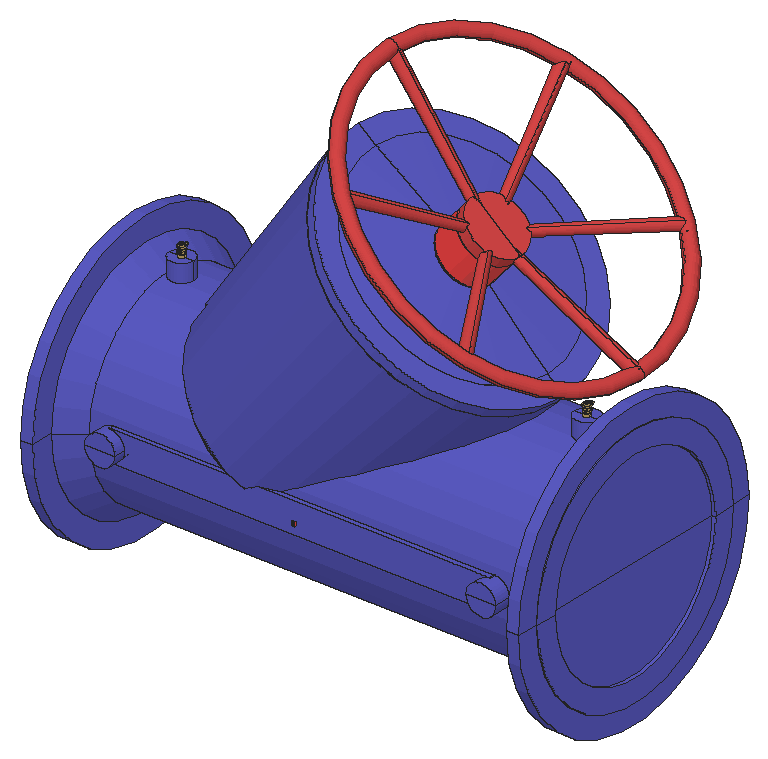
Revit family "HERZ Strömax Commissioning Valve With Test Points, Inclined Body 4218 GF PN16", category Rohrzubehör, Revit 2020
Family settings
  Bemaßung runder Anschluss = Durchmesser verwenden
  Teiletyp = Unterbricht
  OmniClass-Nummer = 23.65.55.14
  OmniClass-Titel = Valves for Liquid Services
  Arbeitsebenenbasiert = Nein
  Immer vertikal = Ja
  Beim Laden mit Abzugskörper schneiden = Nein
  Gemeinsam genutzt = Nein
Parameters
  kvs-value [instance] = if(Nennweite = 350.00 mm, 2917.6, if(Nennweite = 400.00 mm, 3854.8, if(Nennweite = 500.00 mm, 5250.6, 0)))  # 5250.6
  Vorgabe-Ansicht = 0.00 mm
  Counting device = "plastic material"  # constant formula
  W02 = 60.00°  # constant formula
  W01 = 50.00°  # constant formula
  Valve cone = "ductile iron EN-GJS-400-15 according to EN 1561 / EPDM coated"  # constant formula
  Spindle = "stainless steell"  # constant formula
  S01 [instance] = Nennweite + 10.00 mm  # 510.00 mm
  Regulating spindle = "stainless steell"  # constant formula
  Part number [instance] = size_lookup("4218_GF_16_", "Artnr", 0, Nennweite)  # 1421892
  Upper part = "ductile iron EN-GJS-400-15"  # constant formula
  O-Ring = "EPDM"  # constant formula
  Model = "STRÖMAX GF double regulating and commissioning valve with measuring valves, DN 350-500:\r\nbody nodular cast iron GJS 400-15 according to EN 1561, flange according to EN 1092, PN 16 or PN 25, blue enamel.\r\nValve upper part nodular cast iron GJS 400-15, with non-rising spindle, spindle sealing by means of a triple O-ring.\r\nPresetting steps are displayed digitally."
  Min. operating temperature = -10 °C  # constant formula
  Max. operating temperature = 110 °C  # constant formula
  Max. operating pressure = 1600000.0 Pa  # constant formula
  L04 [instance] = size_lookup("4218_GF_16_", "L4", 1.00 mm, Nennweite)  # 255.00 mm
  H11 = 85.00 mm  # constant formula
  H10 [instance] = H07 + H03  # 720.30 mm
  H08 = 47.00 mm  # constant formula
  H07 = 50.00 mm  # constant formula
  H06 = 27.00 mm  # constant formula
  H05 [instance] = H04 + 25.00 mm  # 605.00 mm
  H04 [instance] = size_lookup("4218_GF_16_", "H4", 1.00 mm, Nennweite)  # 580.00 mm
  H03 [instance] = size_lookup("4218_GF_16_", "H3", 1.00 mm, Nennweite)  # 670.30 mm
  Weight [instance] = if(Nennweite = 350.00 mm, "536.0 kg", if(Nennweite = 400.00 mm, "547.0 kg", if(Nennweite = 500.00 mm, "968.0 kg", "0")))  # "968.0 kg"
  URL = "www.herzvalves.com"
  SCRNSEQ = "ARM;ARM_TYP=\"STRV\";2"
  SCRNCODE = "05;07;02"  # constant formula
  R02 [instance] = size_lookup("4218_GF_16_", "R2", 1.00 mm, Nennweite)  # 30.00 mm
  R01 [instance] = size_lookup("4218_GF_16_", "R1", 1.00 mm, Nennweite)  # 37.50 mm
  Nennweite [instance] = 500.00 mm
  Medium = "Heating water quality according to ÖNORM H 5195 or VDI guideline 2035.\r\nEthylene and propylene glycol can be used in a ratio of 25-50 vol. [%] are mixed."
  L03 [instance] = size_lookup("4218_GF_16_", "L3", 1.00 mm, Nennweite)  # 505.00 mm
  L02 [instance] = size_lookup("4218_GF_16_", "L2", 1.00 mm, Nennweite)  # 475.00 mm
  L01 [instance] = size_lookup("4218_GF_16_", "L1", 1.00 mm, Nennweite)  # 533.50 mm
  L00 [instance] = size_lookup("4218_GF_16_", "L", 1.00 mm, Nennweite)  # 1250.00 mm
  Hersteller = "HERZ Armaturen Ges.m.b.H."  # constant formula
  H09 [instance] = H03  # 670.30 mm
  H02 [instance] = size_lookup("4218_GF_16_", "H2", 1.00 mm, Nennweite)  # 295.00 mm
  H01 [instance] = size_lookup("4218_GF_16_", "H1", 1.00 mm, Nennweite)  # 292.00 mm
  GT = 10.00 mm  # constant formula
  Field of application = "For hydraulic balancing in heating or cooling systems, regulating and shutting off distribution circuits, heat exchangers, heating and cooling terminals."
  FLL02 [instance] = size_lookup("4218_GF_16_", "FLL2", 1.00 mm, Nennweite)  # 30.00 mm
  FLL01 [instance] = size_lookup("4218_GF_16_", "FLL1", 1.00 mm, Nennweite)  # 4.00 mm
  FLD03 [instance] = size_lookup("4218_GF_16_", "FLD3", 1.00 mm, Nennweite)  # 254.00 mm
  FLD02 [instance] = size_lookup("4218_GF_16_", "FLD2", 1.00 mm, Nennweite)  # 300.00 mm
  FLD01 [instance] = size_lookup("4218_GF_16_", "FLD1", 1.00 mm, Nennweite)  # 305.00 mm
  FLD00 [instance] = size_lookup("4218_GF_16_", "FLD", 1.00 mm, Nennweite)  # 357.50 mm
  Differential pressure measurement = "The STRÖMAX GF double regulating and commissioning valve is equipped with two measuring valves:\r\nIt is possible to measure the differential pressure with suitable measuring devices and to determine the flow rate accordingly."
  DN500 [instance] = Nennweite = 500.00 mm  # yes
  DN400 [instance] = Nennweite = 400.00 mm  # no
  DN350 [instance] = Nennweite = 350.00 mm  # no
  D05 = 75.00 mm  # constant formula
  D04 [instance] = size_lookup("4218_GF_16_", "D4", 1.00 mm, Nennweite)  # 54.00 mm
  D03 [instance] = size_lookup("4218_GF_16_", "D3", 1.00 mm, Nennweite)  # 275.00 mm
  D02 [instance] = D03 - 20.00 mm  # 255.00 mm
  D01 [instance] = size_lookup("4218_GF_16_", "D1", 1.00 mm, Nennweite)  # 334.00 mm
  D00 [instance] = size_lookup("4218_GF_16_", "D", 1.00 mm, Nennweite)  # 278.00 mm
  Body = "ductile iron EN-GJS-400-15"  # constant formula
  BH02 [instance] = -BH01  # -37.50 mm
  BH01 [instance] = size_lookup("4218_GF_16_", "BH1", 1.00 mm, Nennweite)  # 37.50 mm
  Anschluss [instance] = Nennweite / 2  # 250.00 mm
Reference planes
  plane 1 "Mitte (Vorne/hinten)": y = 0
  plane 2: z = 0
  plane 3 "Mitte (Links/rechts)": x = 0
Forms (mm)
  Revolve 1, solid, material "Herz-Marineblau", detail levels fine
    sketch origin (1058.943, 0, 0) x (1, 0, 0) y (0, 1, 0)
      loop
        line (-1679.943, 357.5) -> (-1679.943, 305) -> (-1683.943, 305) -> (-1683.943, 250) -> (-1673.943, 250) -> (-1673.943, 0) -> (-443.943, 0) -> (-443.943, 250) -> (-433.943, 250) -> (-433.943, 305) -> (-437.943, 305) -> (-437.943, 357.5) -> (-467.943, 357.5) -> (-467.943, 300) -> (-525.443, 254)
        arc (-525.443, 254) -> (-1058.943, 278) -> (-1592.443, 254) r 5941.63
        line (-1592.443, 254) -> (-1649.943, 300) -> (-1649.943, 357.5) -> (-1679.943, 357.5)
      axis (-1683.943, 0) -> (-433.943, 0)
    angle from 0 to 360
  Revolve 2, solid, material "Herz-Marineblau", detail levels fine
    sketch origin (0, 0, 0) x (1, 0, 0) y (0, 1, 0)
      loop
        line (-475, 292) -> (-512.5, 292) -> (-512.5, -292) -> (-475, -292) -> (-475, 292)
      axis (-475, 292) -> (-475, -292)
    angle from 0 to 360
  Revolve 3, solid, material "Herz-Marineblau", detail levels fine
    sketch origin (0, 0, 0) x (-1, 0, 0) y (0, 1, 0)
      loop
        line (-475, 292) -> (-512.5, 292) -> (-512.5, -292) -> (-475, -292) -> (-475, 292)
      axis (-475, 292) -> (-475, -292)
    angle from 0 to 360
  Revolve 4, solid, material "Herz-Marineblau", detail levels fine
    sketch origin (0, 0, 0) x (1, 0, 0) y (0, 0, 1)
      loop
        line (-505, 0) -> (-505, 295) -> (-535, 295) -> (-535, 0) -> (-505, 0)
      axis (-505, 295) -> (-505, 0)
    angle from 0 to 360
  Revolve 5, solid, material "Herz-Marineblau", detail levels fine
    sketch origin (0, 0, 0) x (-1, 0, 0) y (0, 0, 1)
      loop
        line (-505, 0) -> (-505, 295) -> (-535, 295) -> (-535, 0) -> (-505, 0)
      axis (-505, 295) -> (-505, 0)
    angle from 0 to 360
  Extrusion 6, solid, material "Herz-Marineblau", visible <- "DN500", detail levels fine
    sketch origin (0, 0, 0) x (1, 0, 0) y (0, 1, 0)
      loop
        arc (-475, -263.998) -> (0, -282.994) -> (475, -263.998) r 5948.094
        line (475, -263.998) -> (475, 263.998)
        arc (475, 263.998) -> (0, 282.994) -> (-475, 263.998) r 5948.094
        line (-475, 263.998) -> (-475, -263.998)
    from -37.5 <- "BH02" to 37.5 <- "BH01"
  Extrusion 7, solid, material "Herz-Marineblau", visible <- "DN400", detail levels fine
    sketch origin (0, 0, 0) x (1, 0, 0) y (0, 1, 0)
      loop
        arc (-410, -209.712) -> (0, -223.005) -> (410, -209.712) r 6329.849
        line (410, -209.712) -> (410, 209.712)
        arc (410, 209.712) -> (0, 223.005) -> (-410, 209.712) r 6329.849
        line (-410, 209.712) -> (-410, -209.712)
    from -37.5 <- "BH02" to 37.5 <- "BH01"
  Extrusion 8, solid, material "Herz-Marineblau", visible <- "DN350", detail levels fine
    sketch origin (0, 0, 0) x (1, 0, 0) y (0, 1, 0)
      loop
        arc (-390, -185.916) -> (0, -255.071) -> (390, -185.916) r 1134.286
        line (390, -185.916) -> (390, 185.916)
        arc (390, 185.916) -> (0, 255.071) -> (-390, 185.916) r 1134.286
        line (-390, 185.916) -> (-390, -185.916)
    from -37.5 <- "BH02" to 37.5 <- "BH01"
  Revolve 9, solid, material "Herz-Marineblau", detail levels fine
    sketch origin (0, 0, 0) x (1, 0, 0) y (0, 0, 1)
      loop
        line (-255, 0) -> (175.861, 513.48) -> (-79.998, 728.171) -> (-407.619, 245.94) -> (-408.367, 213.934) -> (-255, 0)
      axis (-255, 0) -> (175.861, 513.48)
    angle from 0 to 360
  Revolve 10, solid, material "Herz-Marineblau", detail levels fine
    sketch origin (0, 0, 0) x (1, 0, 0) y (0, 0, 1)
      loop
        line (175.861, 513.48) -> (208, 551.782) -> (150.547, 599.991) -> (148.618, 597.693)
        arc (148.618, 597.693) -> (66.389, 659.883) -> (-21.277, 714.143) r 1105.603
        line (-21.277, 714.143) -> (-62.643, 748.854) -> (-79.998, 728.171) -> (175.861, 513.48)
      axis (208, 551.782) -> (175.861, 513.48)
    angle from 0 to 360
  Revolve 11, solid, material "Kunsstoff rot", detail levels fine
    sketch origin (0, 0, 0) x (1, 0, 0) y (0, 0, 1)
      loop
        line (208, 551.782) -> (262.637, 616.896) -> (205.184, 665.105) -> (150.547, 599.991) -> (208, 551.782)
      axis (262.637, 616.896) -> (208, 551.782)
    angle from 0 to 360
Lines and regions (mm)
  model lines, detail levels coarse+medium
    curve 1: line (-625, 0, 357.5) -> (-625, 0, -357.5)
    curve 2: line (-625, 0, -357.5) -> (625, 0, 357.5)
    curve 3: line (625, 0, 357.5) -> (625, 0, -357.5)
    curve 4: line (625, 0, -357.5) -> (-625, 0, 357.5)
    curve 5: line (0, 0, 0) -> (386.998, 0, 670.3)
    curve 6: line (166.161, 0, 797.8) -> (607.834, 0, 542.8)
    curve 7: line (-625, 357.5, 0) -> (-625, -357.5, 0)
    curve 8: line (-625, -357.5, 0) -> (625, 357.5, 0)
    curve 9: line (625, 357.5, 0) -> (625, -357.5, 0)
    curve 10: line (625, -357.5, 0) -> (-625, 357.5, 0)
    curve 11: line (0, 0, 0) -> (386.998, 670.3, 0)
    curve 12: line (166.161, 797.8, 0) -> (607.834, 542.8, 0)
Dimensions and locks
  "FLD00": plane 1 "Mitte (Vorne/hinten)" to Revolve 1 sketch curve
  "FLD01": plane 1 "Mitte (Vorne/hinten)" to Revolve 1 sketch curve
  "FLD02": plane 1 "Mitte (Vorne/hinten)" to Revolve 1 sketch curve  (x2)
  "FLD03": plane 1 "Mitte (Vorne/hinten)" to Revolve 1 sketch curve  (x2)
  "GT": Revolve 1 sketch curve to Revolve 1 sketch curve  (x2)
  "FLL01": Revolve 1 sketch curve to Revolve 1 sketch curve  (x2)
  "FLL02": Revolve 1 sketch curve to Revolve 1 sketch curve  (x2)
  equal spacing: Revolve 1 sketch curve, plane 3 "Mitte (Links/rechts)", Revolve 1 sketch curve
  "Anschluss": Revolve 1 sketch curve to plane 1 "Mitte (Vorne/hinten)"
  "Anschluss": plane 1 "Mitte (Vorne/hinten)" to Revolve 1 sketch curve
  "FLD01": Revolve 1 sketch curve to plane 1 "Mitte (Vorne/hinten)"
  "FLD00": Revolve 1 sketch curve to plane 1 "Mitte (Vorne/hinten)"
  "L00": Revolve 1 sketch curve to Revolve 1 sketch curve
  "D00": plane 1 "Mitte (Vorne/hinten)" to Revolve 1 sketch curve
  "L01": Revolve 1 sketch curve to plane 3 "Mitte (Links/rechts)" to Revolve 1 sketch curve
  "L02": Revolve 2 sketch curve to plane 3 "Mitte (Links/rechts)"
  "R01": Revolve 2 sketch curve to Revolve 2 sketch curve
  "H01": Revolve 2 sketch curve to plane 1 "Mitte (Vorne/hinten)" to Revolve 2 sketch curve
  "L02": plane 3 "Mitte (Links/rechts)" to Revolve 3 sketch curve
  "R01": Revolve 3 sketch curve to Revolve 3 sketch curve
  "H01": Revolve 3 sketch curve to plane 1 "Mitte (Vorne/hinten)" to Revolve 3 sketch curve
  "L03": plane 3 "Mitte (Links/rechts)" to Revolve 4 sketch curve
  "R02": Revolve 4 sketch curve to Revolve 4 sketch curve
  "H02": Revolve 4 sketch curve to plane 2
  "R02": Revolve 5 sketch curve to Revolve 5 sketch curve
  "L03": Revolve 5 sketch curve to plane 3 "Mitte (Links/rechts)"
  "H02": Revolve 5 sketch curve to plane 2
  "L03": plane 3 "Mitte (Links/rechts)" to nested 1
  "L03": nested 2 to plane 3 "Mitte (Links/rechts)"
  "H02": nested 1 to plane 2
  "H02": nested 2 to plane 2
  "FLD00": curve 4 to plane 2 to curve 2
  "FLD00": curve 3 to plane 2 to curve 4
  equal spacing: curve 1, plane 3 "Mitte (Links/rechts)", curve 3
  "L00": curve 1 to curve 3
  "H09": curve 5 to plane 2
  equal spacing: curve 1, curve 5, curve 3
  equal spacing: curve 6, curve 5, curve 6
  "S01": curve 6 to curve 6
  "FLD00": curve 8 to plane 1 "Mitte (Vorne/hinten)" to curve 10
  "FLD00": curve 10 to plane 1 "Mitte (Vorne/hinten)" to curve 9
  equal spacing: curve 7, plane 3 "Mitte (Links/rechts)", curve 9
  "L00": curve 7 to curve 9
  equal spacing: curve 7, curve 11, curve 9
  "H09": plane 1 "Mitte (Vorne/hinten)" to curve 11
  equal spacing: curve 12, curve 11, curve 12
  "S01": curve 12 to curve 12
  "L04": plane 3 "Mitte (Links/rechts)" to Revolve 9 sketch curve  (x2)
  "H03": Revolve 9 sketch curve to Revolve 9 sketch curve
  "D02": Revolve 9 sketch curve to Revolve 9 sketch curve
  "H05": Revolve 9 sketch curve to Revolve 9 sketch curve
  "H04": Revolve 9 sketch curve to Revolve 9 sketch curve
  "D03": Revolve 9 sketch curve to Revolve 9 sketch curve
  "H03": Revolve 10 sketch curve to Revolve 10 sketch curve
  "D01": Revolve 10 sketch curve to Revolve 10 sketch curve  (x2)
  "D04": Revolve 10 sketch curve to Revolve 10 sketch curve
  "D05": Revolve 10 sketch curve to Revolve 10 sketch curve
  "H06": Revolve 9 to Revolve 10 sketch curve
  "H07": Revolve 9 to Revolve 10 sketch curve
  "H08": Revolve 9 to Revolve 10 sketch curve
  "L04": plane 3 "Mitte (Links/rechts)" to Revolve 10 sketch curve
  "D01": Revolve 9 sketch curve to Revolve 9 sketch curve
  "L04": plane 3 "Mitte (Links/rechts)" to Revolve 11 sketch curve
  "H11": Revolve 10 to Revolve 11 sketch curve
  "D05": Revolve 11 sketch curve to Revolve 11 sketch curve  (x2)
  "H10": Revolve 11 sketch curve to Revolve 11 sketch curve
  "W02": angle plane 2 to curve 5
  "W02": angle plane 1 "Mitte (Vorne/hinten)" to curve 11
  "W01": angle plane 2 to Revolve 9 sketch curve  (x2)
  "W01": angle plane 2 to Revolve 10 sketch curve  (x2)
  "W01": angle plane 2 to Revolve 11 sketch curve  (x2)
  aligned and locked: level to plane 2
Automatic sketch dimensions
  Extrusion 6 sketch curve to plane 3 "Mitte (Links/rechts)" = 0.00 mm  (x2)
  plane 1 "Mitte (Vorne/hinten)" to Extrusion 6 sketch curve = 263.998 mm
  Extrusion 6 sketch curve to plane 3 "Mitte (Links/rechts)" = 475.00 mm
  Extrusion 6 sketch curve to Extrusion 6 sketch curve = 5401.102 mm
  Extrusion 6 sketch curve to plane 1 "Mitte (Vorne/hinten)" = 5665.10 mm
  Extrusion 6 sketch curve to plane 1 "Mitte (Vorne/hinten)" = 263.998 mm  (x2)
  Extrusion 7 sketch curve to plane 3 "Mitte (Links/rechts)" = 0.00 mm  (x2)
  plane 1 "Mitte (Vorne/hinten)" to Extrusion 7 sketch curve = 209.712 mm  (x2)
  Extrusion 7 sketch curve to plane 3 "Mitte (Links/rechts)" = 410.00 mm
  Extrusion 7 sketch curve to Extrusion 7 sketch curve = 5897.131 mm
  Extrusion 7 sketch curve to plane 1 "Mitte (Vorne/hinten)" = 6106.844 mm
  Extrusion 7 sketch curve to plane 1 "Mitte (Vorne/hinten)" = 209.712 mm
  Extrusion 8 sketch curve to plane 3 "Mitte (Links/rechts)" = 0.00 mm  (x2)
  plane 1 "Mitte (Vorne/hinten)" to Extrusion 8 sketch curve = 185.916 mm
  Extrusion 8 sketch curve to plane 3 "Mitte (Links/rechts)" = 390.00 mm
  Extrusion 8 sketch curve to Extrusion 8 sketch curve = 693.298 mm
  Extrusion 8 sketch curve to plane 1 "Mitte (Vorne/hinten)" = 879.214 mm
  Extrusion 8 sketch curve to plane 1 "Mitte (Vorne/hinten)" = 185.916 mm  (x2)
  plane 1 "Mitte (Vorne/hinten)" to Revolve 1 sketch curve = 0.00 mm  (x2)
  Revolve 1 sketch curve to Revolve 1 sketch curve = 35.00 mm
  Revolve 1 sketch curve to Revolve 1 sketch curve = 40.00 mm
  Revolve 2 sketch curve to Revolve 2 sketch curve = 0.00 mm  (x3)
  Revolve 3 sketch curve to Revolve 3 sketch curve = 0.00 mm  (x3)
  Revolve 4 sketch curve to level = 0.00 mm  (x2)
  Revolve 4 sketch curve to Revolve 4 sketch curve = 0.00 mm  (x2)
  Revolve 5 sketch curve to level = 0.00 mm  (x2)
  Revolve 5 sketch curve to Revolve 5 sketch curve = 0.00 mm  (x2)
  Revolve 9 sketch curve to level = 0.00 mm  (x2)
  Revolve 10 sketch curve to level = 0.00 mm
  Revolve 10 sketch curve to level = 252.062 mm
  Revolve 11 sketch curve to level = 0.00 mm
Nested families
  nested 1: "Messstutzen_Band_Eintritt_senkrecht_(oben)" at (-505, 0, 286), type "Messstutzen_Band_Eintritt_senkrecht_(oben)", detail levels fine
    with Schutzkappe yes, Nennweite 0.00 mm, Gewicht 0.00 kg, Bestellnummer 0
  nested 2: "Messstutzen_Band_Austritt_senkrecht_(oben)" at (505, 0, 286), type "Messstutzen_Band_Austritt_senkrecht_(oben)", detail levels fine
    with Schutzkappe yes, Nennweite 0.00 mm, Gewicht 0.00 kg, Bestellnummer 0
  nested 3: "Herz-Logo-vorne" at (0, -282.994, 0) x (0, 1, 0) z (0, 0, 1), visible <- "DN500", type "Herz-Logo-vorne", detail levels fine
  nested 4: "Herz-Logo-vorne" at (0, -221.503, 0) x (0, 1, 0) z (0, 0, 1), visible <- "DN400", type "Herz-Logo-vorne", detail levels fine
  nested 5: "Herz-Logo-vorne" at (0, -255.053, 0) x (0, 1, 0) z (0, 0, 1), visible <- "DN350", type "Herz-Logo-vorne", detail levels fine
  nested 6: "Strangregulierventil-Handrad_VOLL-Schräg (Rot) DN350-DN400" at (211.704, 0, 501.376), visible <- "DN350", type "Strangregulierventil-Handrad_VOLL-Schräg (Rot) DN350-DN400"
    with DN300 yes
  nested 7: "Strangregulierventil-Handrad_VOLL-Schräg (Rot) DN350-DN400" at (230.272, 0, 547.339), visible <- "DN400", type "Strangregulierventil-Handrad_VOLL-Schräg (Rot) DN350-DN400"
    with DN300 yes
  nested 8: "Strangregulierventil-Handrad_VOLL-Schräg (Rot) DN500" at (262.637, 0, 616.896), visible <- "DN500", type "Strangregulierventil-Handrad_VOLL-Schräg (Rot) DN500", detail levels fine
    with DN300 yes
Connectors
  piping at (-625, 0, 0), diameter 500, driven by "Nennweite"
    settings: on Revolve 1, index 1, connector inside diameter 609.6 mm, connector length 0.00 mm, flow factor 0, pipe flow 0.0 L/s, pressure drop 0.0 Pa, fitting loss kfactor 0, connector angle 0.00°, fixture units 0, engagement length 0.00 mm, angle of deflection 0.00°, flow configuration 0, flow direction 1, fitting loss method 0, system type 29, joint type 0, gender type 0, connector reference index -1, connector utility 0, adjustable connector no, is connector primary yes, connector description ""
  piping at (625, 0, 0), diameter 500, driven by "Nennweite"
    settings: on Revolve 1, index 2, connector inside diameter 609.6 mm, connector length 0.00 mm, flow factor 0, pipe flow 0.0 L/s, pressure drop 0.0 Pa, fitting loss kfactor 0, connector angle 0.00°, fixture units 0, engagement length 0.00 mm, angle of deflection 0.00°, flow configuration 0, flow direction 2, fitting loss method 0, system type 29, joint type 0, gender type 0, connector reference index -1, connector utility 0, adjustable connector no, is connector primary no, connector description ""
Definition of nested family "Messstutzen_Band_Eintritt_senkrecht_(oben)"
  Parameters (values of type "Messstutzen_Band_Eintritt_senkrecht_(oben)")
    Default Elevation = 0.00 mm
    URL = "www.herz-armaturen.at"
    Schutzkappe [instance] = yes
    Nennweite [instance] = 0.00 mm
    Manufacturer = "Herz Armaturen GmbH"  # constant formula
    Gewicht [instance] = 0.00 kg
    Bestellnummer [instance] = 0
  Reference planes
    plane 1 "Mitte (Vorne/hinten)": y = 0
    plane 2: z = 0
    plane 3 "Mitte (Links/rechts)": x = 0
    plane 4 "Schlaufe 1": z = -27
    plane 5 "Schlaufe 2": z = -31.678
  Forms (mm)
    Revolve 1, solid, detail levels fine
      sketch origin (0, 0, 0) x (1, 0, 0) y (0, 0, 1)
        loop
          line (-7.4, 9) -> (-5.55, 9) -> (-5.55, 6)
          arc (-5.55, 6) -> (-5.626, 5.617) -> (-5.843, 5.293) r 1
          line (-5.843, 5.293) -> (-6.455, 4.681) -> (-6.455, 0.9) -> (-5.555, 0) -> (-2, 0) -> (-2, 17.5) -> (-8.4, 17.5)
          arc (-8.4, 17.5) -> (-7.693, 17.207) -> (-7.4, 16.5) r 1
          line (-7.4, 16.5) -> (-7.4, 9)
        loop
          line (-3.7, 27) -> (-7.3, 27) -> (-7.9, 26.4) -> (-7.9, 23) -> (-2, 23) -> (-2, 35.8) -> (-3.805, 35.8) -> (-4.415, 35.19) -> (-4.415, 30.863) -> (-3.7, 30.45) -> (-3.7, 27)
        axis (0, 0) -> (0, 35.8)
      angle from 0 to 360
    Extrusion 2, solid, detail levels fine
      sketch origin (0, 0, 17.5) x (0, 1, 0) y (-1, 0, 0)
        loop
          arc (-7.07, 5.156) -> (-7.578, 4.375) -> (-8, 3.544) r 8.75
          line (-8, 3.544) -> (-8, -3.544)
          arc (-8, -3.544) -> (-7.578, -4.375) -> (-7.07, -5.156) r 8.75
          line (-7.07, -5.156) -> (-0.93, -8.7)
          arc (-0.93, -8.7) -> (0, -8.75) -> (0.93, -8.7) r 8.75
          line (0.93, -8.7) -> (7.07, -5.156)
          arc (7.07, -5.156) -> (7.578, -4.375) -> (8, -3.544) r 8.75
          line (8, -3.544) -> (8, 3.544)
          arc (8, 3.544) -> (7.578, 4.375) -> (7.07, 5.156) r 8.75
          line (7.07, 5.156) -> (0.93, 8.7)
          arc (0.93, 8.7) -> (0, 8.75) -> (-0.93, 8.7) r 8.75
          line (-0.93, 8.7) -> (-7.07, 5.156)
      from 0 to 5.5
    Revolve 3, solid, visible <- "Schutzkappe", detail levels fine
      sketch origin (0, 0, 0) x (1, 0, 0) y (0, 0, 1)
        loop
          line (0, 35.878) -> (0, 36.678) -> (-7, 36.678) -> (-7, 33.378) -> (-6.1, 33.378) -> (-6.1, 31.678) -> (-6.9, 31.678) -> (-6.9, 30.178) -> (-4.415, 30.178) -> (-4.415, 35.268) -> (-3.805, 35.878) -> (0, 35.878)
        axis (0, 30.178) -> (0, 36.678)
      angle from 0 to 360
    Extrusion 4, solid, detail levels fine
      sketch origin (0, 0, 28.5) x (1, 0, 0) y (0, 1, 0)
        loop
          circle (0, 0) r 3.7
        loop
          arc (-3.906, 5.505) -> (0, -6.75) -> (3.906, 5.505) r 6.75
          arc (3.906, 5.505) -> (2.358, 7.288) -> (1.8, 9.582) r 5
          line (1.8, 9.582) -> (-1.8, 9.582)
          arc (-1.8, 9.582) -> (-2.358, 7.288) -> (-3.906, 5.505) r 5
      from 0 to -1.5
    Extrusion 5, solid, detail levels fine
      sketch origin (0, 0, 33.178) x (1, 0, 0) y (0, 1, 0)
        loop
          circle (0, 0) r 6.1
        loop
          arc (-4.495, 8.652) -> (0, -9.75) -> (4.495, 8.652) r 9.75
          arc (4.495, 8.652) -> (2.527, 10.493) -> (1.8, 13.089) r 5
          line (1.8, 13.089) -> (-1.8, 13.089)
          arc (-1.8, 13.089) -> (-2.527, 10.493) -> (-4.495, 8.652) r 5
      from 0 to -1.5
    Sweep 6, solid, detail levels fine
      path origin (0, 0, 0) x (0, 0, -1) y (0, -1, 0)
        loop
          line (-27.75, -9.582) -> (-27.75, -14.522)
          arc (-27.75, -14.522) -> (-30.089, -16.862) -> (-32.428, -14.522) r 2.339
          line (-32.428, -14.522) -> (-32.428, -13.089)
      profile origin (0, 12.052, 27.75) x (0, 0, 1) y (1, 0, 0)
        loop
          line (-0.75, -1.8) -> (0.75, -1.8) -> (0.75, 1.8) -> (-0.75, 1.8) -> (-0.75, -1.8)
  Dimensions and locks
    aligned and locked: level to plane 2
Definition of nested family "Messstutzen_Band_Austritt_senkrecht_(oben)"
  Parameters (values of type "Messstutzen_Band_Austritt_senkrecht_(oben)")
    Default Elevation = 0.00 mm
    URL = "www.herz-armaturen.at"
    Schutzkappe [instance] = yes
    Nennweite [instance] = 0.00 mm
    Manufacturer = "Herz Armaturen GmbH"  # constant formula
    Gewicht [instance] = 0.00 kg
    Bestellnummer [instance] = 0
  Reference planes
    plane 1 "Mitte (Vorne/hinten)": y = 0
    plane 2: z = 0
    plane 3 "Mitte (Links/rechts)": x = 0
    plane 4 "Schlaufe 1": z = -27
    plane 5 "Schlaufe 2": z = -31.678
  Forms (mm)
    Revolve 1, solid, detail levels fine
      sketch origin (0, 0, 0) x (1, 0, 0) y (0, 0, 1)
        loop
          line (-7.4, 9) -> (-5.55, 9) -> (-5.55, 6)
          arc (-5.55, 6) -> (-5.626, 5.617) -> (-5.843, 5.293) r 1
          line (-5.843, 5.293) -> (-6.455, 4.681) -> (-6.455, 0.9) -> (-5.555, 0) -> (-2, 0) -> (-2, 17.5) -> (-8.4, 17.5)
          arc (-8.4, 17.5) -> (-7.693, 17.207) -> (-7.4, 16.5) r 1
          line (-7.4, 16.5) -> (-7.4, 9)
        loop
          line (-3.7, 27) -> (-7.3, 27) -> (-7.9, 26.4) -> (-7.9, 23) -> (-2, 23) -> (-2, 35.8) -> (-3.805, 35.8) -> (-4.415, 35.19) -> (-4.415, 30.863) -> (-3.7, 30.45) -> (-3.7, 27)
        axis (0, 0) -> (0, 35.8)
      angle from 0 to 360
    Extrusion 2, solid, detail levels fine
      sketch origin (0, 0, 17.5) x (0, 1, 0) y (-1, 0, 0)
        loop
          arc (-7.07, 5.156) -> (-7.578, 4.375) -> (-8, 3.544) r 8.75
          line (-8, 3.544) -> (-8, -3.544)
          arc (-8, -3.544) -> (-7.578, -4.375) -> (-7.07, -5.156) r 8.75
          line (-7.07, -5.156) -> (-0.93, -8.7)
          arc (-0.93, -8.7) -> (0, -8.75) -> (0.93, -8.7) r 8.75
          line (0.93, -8.7) -> (7.07, -5.156)
          arc (7.07, -5.156) -> (7.578, -4.375) -> (8, -3.544) r 8.75
          line (8, -3.544) -> (8, 3.544)
          arc (8, 3.544) -> (7.578, 4.375) -> (7.07, 5.156) r 8.75
          line (7.07, 5.156) -> (0.93, 8.7)
          arc (0.93, 8.7) -> (0, 8.75) -> (-0.93, 8.7) r 8.75
          line (-0.93, 8.7) -> (-7.07, 5.156)
      from 0 to 5.5
    Revolve 3, solid, visible <- "Schutzkappe", detail levels fine
      sketch origin (0, 0, 0) x (1, 0, 0) y (0, 0, 1)
        loop
          line (0, 35.878) -> (0, 36.678) -> (-7, 36.678) -> (-7, 33.378) -> (-6.1, 33.378) -> (-6.1, 31.678) -> (-6.9, 31.678) -> (-6.9, 30.178) -> (-4.415, 30.178) -> (-4.415, 35.268) -> (-3.805, 35.878) -> (0, 35.878)
        axis (0, 30.178) -> (0, 36.678)
      angle from 0 to 360
    Extrusion 4, solid, detail levels fine
      sketch origin (0, 0, 28.5) x (1, 0, 0) y (0, 1, 0)
        loop
          circle (0, 0) r 3.7
        loop
          arc (-3.906, 5.505) -> (0, -6.75) -> (3.906, 5.505) r 6.75
          arc (3.906, 5.505) -> (2.358, 7.288) -> (1.8, 9.582) r 5
          line (1.8, 9.582) -> (-1.8, 9.582)
          arc (-1.8, 9.582) -> (-2.358, 7.288) -> (-3.906, 5.505) r 5
      from 0 to -1.5
    Extrusion 5, solid, detail levels fine
      sketch origin (0, 0, 33.178) x (1, 0, 0) y (0, 1, 0)
        loop
          circle (0, 0) r 6.1
        loop
          arc (-4.495, 8.652) -> (0, -9.75) -> (4.495, 8.652) r 9.75
          arc (4.495, 8.652) -> (2.527, 10.493) -> (1.8, 13.089) r 5
          line (1.8, 13.089) -> (-1.8, 13.089)
          arc (-1.8, 13.089) -> (-2.527, 10.493) -> (-4.495, 8.652) r 5
      from 0 to -1.5
    Sweep 6, solid, detail levels fine
      path origin (0, 0, 0) x (0, 0, -1) y (0, -1, 0)
        loop
          line (-27.75, -9.582) -> (-27.75, -14.522)
          arc (-27.75, -14.522) -> (-30.089, -16.862) -> (-32.428, -14.522) r 2.339
          line (-32.428, -14.522) -> (-32.428, -13.089)
      profile origin (0, 12.052, 27.75) x (0, 0, 1) y (1, 0, 0)
        loop
          line (-0.75, -1.8) -> (0.75, -1.8) -> (0.75, 1.8) -> (-0.75, 1.8) -> (-0.75, -1.8)
  Dimensions and locks
    aligned and locked: level to plane 2
Definition of nested family "Herz-Logo-vorne"
  Parameters (values of type "Herz-Logo-vorne")
    Default Elevation = 0.00 mm
  Reference planes
    plane 1 "Mitte (Vorne/hinten)": y = 0
    plane 2: z = 0
    plane 3 "Mitte (Links/rechts)": x = 0
  Forms (mm)
    Extrusion 1, solid
      sketch origin (0.732, -0.018, 0.017) x (0, -1, 0) y (0, 0, 1)
        loop
          line (-0.018, -4.517) -> (4.482, -4.517) -> (4.482, 4.483) -> (-4.518, 4.483) -> (-4.518, -4.517) -> (-0.018, -4.517)
        loop
          line (-0.05, -3.48) -> (3.482, -3.48) -> (3.482, 3.483) -> (-3.518, 3.483) -> (-3.518, -3.48) -> (-0.05, -3.48)
        loop
          arc (-0.018, 2.383) -> (-1.543, 3.287) -> (-3.067, 2.383) r 1.738
          arc (-3.067, 2.383) -> (-3.191, 1.899) -> (-3.067, 1.415) r 1.009
          line (-3.067, 1.415) -> (-0.018, -3.281) -> (3.032, 1.415)
          arc (3.032, 1.415) -> (3.156, 1.899) -> (3.032, 2.383) r 1.009
          arc (3.032, 2.383) -> (1.507, 3.287) -> (-0.018, 2.383) r 1.738
        loop
          arc (1.885, 1.272) -> (2.005, 1.675) -> (1.885, 2.079) r 0.74
          arc (1.885, 2.079) -> (1.265, 2.416) -> (0.644, 2.079) r 0.74
          line (0.644, 2.079) -> (-0.018, 0.97) -> (-0.679, 2.079)
          arc (-0.679, 2.079) -> (-1.3, 2.416) -> (-1.921, 2.079) r 0.74
          arc (-1.921, 2.079) -> (-2.04, 1.675) -> (-1.921, 1.272) r 0.74
          line (-1.921, 1.272) -> (-0.018, -1.658) -> (1.885, 1.272)
      from 0 to 1.5
  Dimensions and locks
    aligned and locked: level to plane 2
Definition of nested family "Strangregulierventil-Handrad_VOLL-Schräg (Rot) DN350-DN400"
  Parameters (values of type "Strangregulierventil-Handrad_VOLL-Schräg (Rot) DN350-DN400")
    Default Elevation = 0.00 mm
    DN300 [instance] = yes
  Reference planes
    plane 1 "Mitte (Vorne/hinten)": y = 0
    plane 2: z = 0
    plane 3 "Mitte (Links/rechts)": x = 0
  Forms (mm)
    Revolve 1, solid, detail levels fine
      sketch origin (0, 0, 0) x (0.766044, 0, -0.642788) y (0.642788, 0, 0.766044)
        loop
          line (0, 0) -> (0, 30) -> (-75, 30) -> (-75, 0) -> (0, 0)
        loop
          line (-316.85, 58.85) -> (-316.85, 42.85) -> (-280.85, 42.85) -> (-280.85, 58.85)
          arc (-280.85, 58.85) -> (-298.85, 76.85) -> (-316.85, 58.85) r 18
        axis (0, 58.85) -> (0, 0)
      angle from 0 to 360
    Revolve 2, solid, detail levels fine
      sketch origin (0, 0, 0) x (0.766044, 0, -0.642788) y (0.642788, 0, 0.766044)
        loop
          line (299.245, 74.817) -> (49.107, 26.195) -> (50.831, 16.343) -> (301.153, 65.001) -> (299.245, 74.817)
        axis (50.832, 16.338) -> (301.154, 64.996)
      angle from 0 to 360
    Revolve 3, solid, detail levels fine
      sketch origin (0, 0, 0) x (0.236721, 0.951057, -0.198632) y (0.642788, 0, 0.766044)
        loop
          line (299.245, 74.817) -> (49.107, 26.195) -> (50.831, 16.343) -> (301.153, 65.001) -> (299.245, 74.817)
        axis (50.832, 16.338) -> (301.154, 64.996)
      angle from 0 to 360
    Revolve 4, solid, detail levels fine
      sketch origin (0, 0, 0) x (-0.619743, 0.587785, 0.520026) y (0.642788, 0, 0.766044)
        loop
          line (299.245, 74.817) -> (49.107, 26.195) -> (50.831, 16.343) -> (301.153, 65.001) -> (299.245, 74.817)
        axis (50.832, 16.338) -> (301.154, 64.996)
      angle from 0 to 360
    Revolve 5, solid, detail levels fine
      sketch origin (0, 0, 0) x (-0.619743, -0.587785, 0.520026) y (0.642788, 0, 0.766044)
        loop
          line (299.245, 74.817) -> (49.107, 26.195) -> (50.831, 16.343) -> (301.153, 65.001) -> (299.245, 74.817)
        axis (50.832, 16.338) -> (301.154, 64.996)
      angle from 0 to 360
    Revolve 6, solid, detail levels fine
      sketch origin (0, 0, 0) x (0.236721, -0.951057, -0.198632) y (0.642788, 0, 0.766044)
        loop
          line (299.245, 74.817) -> (49.107, 26.195) -> (50.831, 16.343) -> (301.153, 65.001) -> (299.245, 74.817)
        axis (50.832, 16.338) -> (301.154, 64.996)
      angle from 0 to 360
  Dimensions and locks
    Revolve 1 sketch curve to plane 2 = 255.179 mm
    Revolve 1 sketch curve to Revolve 1 sketch curve = 30.00 mm
    aligned and locked: level to plane 2
Definition of nested family "Strangregulierventil-Handrad_VOLL-Schräg (Rot) DN500"
  Parameters (values of type "Strangregulierventil-Handrad_VOLL-Schräg (Rot) DN500")
    Default Elevation = 0.00 mm
    DN300 [instance] = yes
  Reference planes
    plane 1 "Mitte (Vorne/hinten)": y = 0
    plane 2: z = 0
    plane 3 "Mitte (Links/rechts)": x = 0
  Forms (mm)
    Revolve 1, solid, detail levels fine
      sketch origin (0, 0, 0) x (0.766044, 0, -0.642788) y (0.642788, 0, 0.766044)
        loop
          line (0, 0) -> (0, 30) -> (-75, 30) -> (-75, 0) -> (0, 0)
        loop
          circle (-400, 94.75) r 16.85
        axis (0, 94.75) -> (0, 0)
      angle from 0 to 360
    Revolve 2, solid, detail levels fine
      sketch origin (0, 0, 0) x (0.766044, 0, -0.642788) y (0.642788, 0, 0.766044)
        loop
          line (400.44, 94.852) -> (397.067, 109.46) -> (48.97, 25.68) -> (51.251, 14.235) -> (400.44, 94.852)
        axis (51.251, 14.235) -> (400.44, 94.852)
      angle from 0 to 360
    Revolve 3, solid, detail levels fine
      sketch origin (0, 0, 0) x (0.383022, 0.866025, -0.321394) y (0.642788, 0, 0.766044)
        loop
          line (400.44, 94.852) -> (397.067, 109.46) -> (48.97, 25.68) -> (51.251, 14.235) -> (400.44, 94.852)
        axis (51.251, 14.235) -> (400.44, 94.852)
      angle from 0 to 360
    Revolve 4, solid, detail levels fine
      sketch origin (0, 0, 0) x (-0.383022, 0.866025, 0.321394) y (0.642788, 0, 0.766044)
        loop
          line (400.44, 94.852) -> (397.067, 109.46) -> (48.97, 25.68) -> (51.251, 14.235) -> (400.44, 94.852)
        axis (51.251, 14.235) -> (400.44, 94.852)
      angle from 0 to 360
    Revolve 5, solid, detail levels fine
      sketch origin (0, 0, 0) x (-0.766044, 0, 0.642788) y (0.642788, 0, 0.766044)
        loop
          line (400.44, 94.852) -> (397.067, 109.46) -> (48.97, 25.68) -> (51.251, 14.235) -> (400.44, 94.852)
        axis (51.251, 14.235) -> (400.44, 94.852)
      angle from 0 to 360
    Revolve 6, solid, detail levels fine
      sketch origin (0, 0, 0) x (-0.383022, -0.866025, 0.321394) y (0.642788, 0, 0.766044)
        loop
          line (400.44, 94.852) -> (397.067, 109.46) -> (48.97, 25.68) -> (51.251, 14.235) -> (400.44, 94.852)
        axis (51.251, 14.235) -> (400.44, 94.852)
      angle from 0 to 360
    Revolve 7, solid, detail levels fine
      sketch origin (0, 0, 0) x (0.383022, -0.866025, -0.321394) y (0.642788, 0, 0.766044)
        loop
          line (400.44, 94.852) -> (397.067, 109.46) -> (48.97, 25.68) -> (51.251, 14.235) -> (400.44, 94.852)
        axis (51.251, 14.235) -> (400.44, 94.852)
      angle from 0 to 360
  Dimensions and locks
    Revolve 1 sketch curve to Revolve 1 sketch curve = 30.00 mm
    Revolve 1 sketch curve to Revolve 1 sketch curve = 416.85 mm
    Revolve 1 sketch curve to level = 346.548 mm
    Revolve 1 sketch curve to Revolve 1 sketch curve = 75.00 mm
    aligned and locked: level to plane 2
